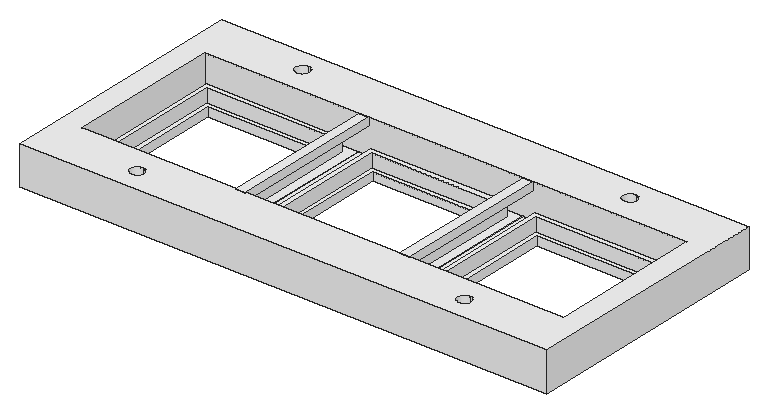
Revit family "Gira_021366", category Electrical Fixtures, host Face, Revit 2017
Family settings
  Host = Face
  Maintain Annotation Orientation = No
  Round Connector Dimension = Use Diameter
  Part Type = Normal
  Cut with Voids When Loaded = No
  Shared = No
  Room Calculation Point = No
Parameters (values of type "Cov.fr. 3-g Gira TX_44 (WP FM) p.white")
  With mounting grid = "No"
  With hinged lid = "No"
  URL = "http://katalog.gira.de/en/datenblatt.html?artikelnr=021366"
  Type of fastening = "Clamp mounting"
  Transparent = "No"
  Surface protection = "Other"
  Suitable for wall duct = "No"
  Suitable for flush-mounted installation = "Yes"
  Suitable for floor box = "No"
  Suitable for built-in installation = "No"
  RAL-number (akin) = "9010"
  Number of units vertical = "3"
  Number of units horizontal = "3"
  Number of units = "3"
  Name = "Cov.fr. 3-g Gira TX_44 (WP FM) p.white"
  Mounting direction = "Horizontal and vertical"
  Material quality = "Thermoplastic"
  Material = "Plastic"
  Manufacturer URL = "https://www.gira.de/"
  Manufacturer = "Gira"
  Label space/information surface = "No"
  Keynote = ""
  HeinzeBIM = "https://bimportal.heinze.de/bim/cov-fr-3-g-gira-tx-44-wp-fm-p-white/190dc6e14e4f2ee7ac2dabac4c27596cc44a0598"
  Halogen free = "No"
  HAN = "021366"
  GTIN = "4010337213666"
  Description = "Cov.fr.3g TX_44 PW,Gira TX_44 cover frame,pure white,3-gang,Features:,- Shatter-proof.,,Notes :,- Frames are easy to install without tools; disassembly requires a Torx screwdriver T9 or T10.,- Wall plug mounting is possible.,- Centre inserts safeguarded against disassembly."
  Degree of protection (IP) = "IP44"
  Default Elevation = 1219.2 mm
  Data sheet (1) = "https://katalog.gira.de/en/download.html?artikelnr=021366"
  Colour = "White"
  Category = "Cover frame for domestic switching devices"
  BIM (1) = "https://media.stage.bim.site/public/gira/36a6b08/TX44_Rahmen_3fach.rfa"
  Available = "No"
Reference planes
  plane 1 "Center (Front/Back)": y = 0
  plane 2: z = 0
  plane 3 "Center (Left/Right)": x = 0
  plane 4: x = -33.75
  plane 5: x = -37.75
  plane 6: x = 114.5
Forms (mm)
  Extrusion 1, solid, material "White", detail levels fine
    sketch origin (-71.591, 0, 0) x (0, -1, 0) y (1, 0, 0)
      loop
        line (-54.959, 186.091) -> (-54.959, -42.909) -> (54.959, -42.909) -> (54.959, 186.091) -> (-54.959, 186.091)
      loop
        line (-33.5, -33.5) -> (33.5, -33.5) -> (33.5, 176.683) -> (-33.5, 176.683) -> (-33.5, -33.5)
      loop
        circle (-45, -0.006) r 3
      loop
        circle (44.992, 0.001) r 3
      loop
        circle (-45, 142.594) r 3
      loop
        circle (44.992, 142.601) r 3
    from 0 to 16.9
  Extrusion 2, solid, material "White", detail levels fine
    sketch origin (-71.591, 0, 0) x (0, -1, 0) y (1, 0, 0)
      loop
        line (-25.5, 25.5) -> (-25.5, -25.5) -> (25.5, -25.5) -> (25.5, 25.5) -> (-25.5, 25.5)
      loop
        line (-33.5, 33.5) -> (-33.5, -33.5) -> (33.5, -33.5) -> (33.5, 33.5) -> (-33.5, 33.5)
    from -1.6 to 2
  Extrusion 3, solid, material "White", detail levels fine
    sketch origin (-71.591, 0, 0) x (0, -1, 0) y (1, 0, 0)
      loop
        line (-27.5, 27.5) -> (-27.5, -27.5) -> (27.5, -27.5) -> (27.5, 27.5) -> (-27.5, 27.5)
      loop
        line (-29.5, 29.5) -> (-29.5, -29.5) -> (29.5, -29.5) -> (29.5, 29.5) -> (-29.5, 29.5)
    from 2 to 7.8
  Extrusion 4, solid, material "White", detail levels coarse+medium
    sketch origin (-71.591, 0, 0) x (0, -1, 0) y (1, 0, 0)
      loop
        line (-54.959, 186.091) -> (-54.959, -42.909) -> (54.959, -42.909) -> (54.959, 186.091) -> (-54.959, 186.091)
    from -1.6 to 16.9
  Extrusion 5, solid, material "White", detail levels fine
    sketch origin (0.091, 0, 0) x (0, -1, 0) y (1, 0, 0)
      loop
        line (-25.5, 25.5) -> (-25.5, -25.5) -> (25.5, -25.5) -> (25.5, 25.5) -> (-25.5, 25.5)
      loop
        line (-33.5, 33.5) -> (-33.5, -33.5) -> (33.5, -33.5) -> (33.5, 33.5) -> (-33.5, 33.5)
    from -1.6 to 2
  Extrusion 6, solid, material "White", detail levels fine
    sketch origin (0.091, 0, 0) x (0, -1, 0) y (1, 0, 0)
      loop
        line (-27.5, 27.5) -> (-27.5, -27.5) -> (27.5, -27.5) -> (27.5, 27.5) -> (-27.5, 27.5)
      loop
        line (-29.5, 29.5) -> (-29.5, -29.5) -> (29.5, -29.5) -> (29.5, 29.5) -> (-29.5, 29.5)
    from 2 to 7.8
  Extrusion 7, solid, material "White", detail levels fine
    sketch origin (-71.591, 0, 0) x (0, -1, 0) y (1, 0, 0)
      loop
        line (-33.5, 38.183) -> (-33.5, 33.5) -> (33.5, 33.5) -> (33.5, 38.183) -> (-33.5, 38.183)
    from 0 to 2
  Extrusion 8, solid, material "White", detail levels fine
    sketch origin (-71.591, 0, 0) x (0, -1, 0) y (1, 0, 0)
      loop
        line (-33.5, 37.841) -> (-33.5, 33.841) -> (33.5, 33.841) -> (33.5, 37.841) -> (-33.5, 37.841)
    from 13.4 to 16.9
  Extrusion 9, solid, material "White", detail levels fine
    sketch origin (71.591, 0, 0) x (0, -1, 0) y (1, 0, 0)
      loop
        line (-25.5, 25.5) -> (-25.5, -25.5) -> (25.5, -25.5) -> (25.5, 25.5) -> (-25.5, 25.5)
      loop
        line (-33.5, 33.5) -> (-33.5, -33.5) -> (33.5, -33.5) -> (33.5, 33.5) -> (-33.5, 33.5)
    from -1.6 to 2
  Extrusion 10, solid, material "White", detail levels fine
    sketch origin (71.591, 0, 0) x (0, -1, 0) y (1, 0, 0)
      loop
        line (-27.5, 27.5) -> (-27.5, -27.5) -> (27.5, -27.5) -> (27.5, 27.5) -> (-27.5, 27.5)
      loop
        line (-29.5, 29.5) -> (-29.5, -29.5) -> (29.5, -29.5) -> (29.5, 29.5) -> (-29.5, 29.5)
    from 2 to 7.8
  Extrusion 11, solid, material "White", detail levels fine
    sketch origin (-0.091, 0, 0) x (0, -1, 0) y (1, 0, 0)
      loop
        line (-33.5, 38.183) -> (-33.5, 33.683) -> (33.5, 33.683) -> (33.5, 38.183) -> (-33.5, 38.183)
    from 0 to 2
  Extrusion 12, solid, material "White", detail levels fine
    sketch origin (-0.091, 0, 0) x (0, -1, 0) y (1, 0, 0)
      loop
        line (-33.5, 37.841) -> (-33.5, 33.841) -> (33.5, 33.841) -> (33.5, 37.841) -> (-33.5, 37.841)
    from 13.4 to 16.9
Dimensions and locks
  aligned and locked: plane 2 to host face
  aligned and locked: level to host face
